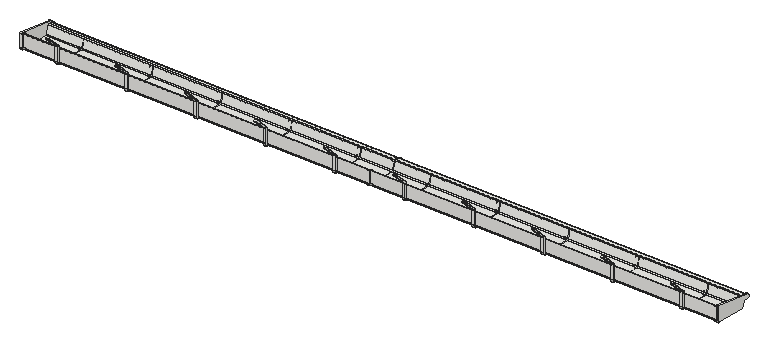
Revit family "NLRS_27_GM_LIB_B44_MR", category Generic Models, Revit 2017
Family settings
  Can host rebar = No
  Round Connector Dimension = Use Diameter
  Part Type = Normal
  Cut with Voids When Loaded = No
  Shared = No
  Room Calculation Point = No
Parameters (values of type "WIT AC 1382 ≈ RAL 9016")
  start_afstand_beugel [instance] = if([built-in parameter 1001306] < 780 mm, ([built-in parameter 1001306] / 3), 250 mm)  # 250 mm
  eindschot_rechts [instance] = if(NLRS_type_L = Set_Condition_R, "eindschot rechts", "geen")  # "eindschot rechts"
  eindschot_links [instance] = if(NLRS_type_R = Set_Condition_L, "eindschot links", "geen")  # "eindschot links"
  Verstek_diepte [instance] = 264 mm  # constant formula
  URL = "https://www.meilofriks.nl/"
  Set_Condition_R = Goot_profiel_GM_LIB_L_H_eind : Goot_profiel_GM_LIB_L_H_eind
  Set_Condition_L = Goot_profiel_GM_LIB_R_H_eind : Goot_profiel_GM_LIB_R_H_eind
  Set_Beugeltype = B44 - beugel_G : B44 - G beugel
  NLRS_type_R [instance] = Goot_profiel_GM_LIB_R_H_eind : Goot_profiel_GM_LIB_R_H_eind
  NLRS_type_L [instance] = Goot_profiel_GM_LIB_L_H_eind : Goot_profiel_GM_LIB_L_H_eind
  NLRS_C_materiaal = RAL 9016
  NLRS_C_lengte [instance] = [built-in parameter 1001306] + Lengte_L + Lengte_R  # 5000 mm
  NLRS_C_content_datum_gewijzigd = "21-12-2018"  # constant formula
  NLRS_C_content_creator = "KPMS"  # constant formula
  NLRS_C_afstand [instance] = 500 mm
  NLRS_C_aantal [instance] = aantal beugels  # 10
  Model = "B44"  # constant formula
  Manufacturer = "Meilof Riks"  # constant formula
  Lengte_R [instance] = if(Eind_schot_R, 0 mm, Verstek_diepte)  # 0 mm
  Lengte_L [instance] = if(Eind_schot_L, 0 mm, Verstek_diepte)  # 0 mm
  Kleur = "wit (AC1382)"
  IfcExportType = ""
  IfcExportAs = "IfcFlowSegment"
  Graden beugel [instance] = 90.00° - Dakhelling  # 45.00°
  min_hoh_afstand [instance] = if([built-in parameter 1001306] < 780 mm, [built-in parameter 1001306] / 3, 510 mm)  # 510 mm
  aantal beugels [instance] = (([built-in parameter 1001306] - start_afstand_beugel * 2) / min_hoh_afstand) + 1  # 10
  built-in parameter 1001306 [instance] = 5000 mm
  Eind_schot_R [instance] = NLRS_type_L = Set_Condition_R  # yes
  Eind_schot_L [instance] = NLRS_type_R = Set_Condition_L  # yes
  Description = "Beugel goot type B44"  # constant formula
  Dakhelling [instance] = 45.00°
  Beugel_keuze [instance] = B44 - beugel_G : B44 - G beugel
  Beugel [instance] = if(Beugel_keuze = Set_Beugeltype, "Type B44, G-Beugels", "Type B44, R-Beugels")  # "Type B44, G-Beugels"
  Assembly Code = "27.16"
Types (5, lengths in mm): name | NLRS_C_materiaal | Kleur | Graden beugel | Dakhelling
  RAL 7016 | RAL 7016 | "antraciet (RAL7016)" | 50.00° | 40.00°
  RAL 9001 | RAL 9001 | "crème (RAL9001)" | 50.00° | 40.00°
  RAL 7036 | RAL 7036 | "grijs (RAL7036)" | 50.00° | 40.00°
  RAL 9006 | RAL 9006 | "zilver (RAL9006)" | 50.00° | 40.00°
  WIT AC 1382 ≈ RAL 9016 | RAL 9016 | "wit (AC1382)" | 45.00° | 45.00°
Reference planes
  plane 1 "Center (Front/Back)": y = 0
  plane 2: z = 0
  plane 3 "Left": x = 0
  plane 4 "Right": x = 5000
  plane 5: x = 2500
Lines and regions (mm)
  reference lines
    curve 1: line (0, 0, 0) -> (5000, 0, 0)
    curve 2: line (250, -329.639, 0) -> (250, 610.361, 0)
    curve 3: line (4750, 572.987, 0) -> (4750, -387.013, 0)
Dimensions and locks
  "built-in parameter 1001306": plane 3 "Left" to plane 4 "Right"
  equal spacing: plane 3 "Left", plane 5, plane 4 "Right"
  "start_afstand_beugel": plane 3 "Left" to curve 2
  "start_afstand_beugel": curve 3 to plane 4 "Right"
  equal spacing: group 1, group 3, group 4, group 5, group 6, group 7, group 8, group 9, group 10, group 2  (x3)
  "NLRS_C_afstand": curve 2 to nested 7
  aligned and locked: plane 4 "Right" to curve 1
  aligned and locked: plane 1 "Center (Front/Back)" to curve 1
  aligned and locked: plane 3 "Left" to curve 1
  aligned and locked: level to plane 2
  aligned and locked: plane 5 to nested 1
  aligned and locked: plane 3 "Left" to nested 1
  aligned and locked: nested 1 to curve 1
  aligned and locked: plane 4 "Right" to nested 2
  aligned and locked: plane 5 to nested 2
  aligned and locked: plane 1 "Center (Front/Back)" to nested 2
  aligned and locked: curve 2 to nested 5
  aligned and locked: nested 6 to curve 3
  aligned and locked: plane 3 "Left" to nested 3
  aligned and locked: plane 4 "Right" to nested 4
Automatic sketch dimensions
  plane 1 "Center (Front/Back)" to curve 2 = 329.639 mm
  plane 1 "Center (Front/Back)" to curve 3 = 387.013 mm
  curve 3 to plane 1 "Center (Front/Back)" = 572.987 mm
  curve 2 to plane 1 "Center (Front/Back)" = 610.361 mm
Nested families
  nested 1: "Goot_profiel_GM_LIB_R_H_eind" at (0, 0, 0), type <- "NLRS_type_R", type "Goot_profiel_GM_LIB_R_H_eind"
    with built-in parameter 1001306 2500 mm
  nested 2: "Goot_profiel_GM_LIB_L_H_eind" at (2500, 0, 0), type <- "NLRS_type_L", type "Goot_profiel_GM_LIB_L_H_eind"
    with built-in parameter 1001306 2500 mm
  nested 3: "B44 - eindschot" at (-15, 0, 0), visible <- "Eind_schot_L", type "B44 - eindschot"
  nested 4: "B44 - eindschot" at (5015, 0, 0) x (-1, 0, 0) z (0, 0, 1), visible <- "Eind_schot_R", type "B44 - eindschot"
  nested 5: "B44 - beugel_G" at (250, -6, -6), type <- "Beugel_keuze", type "B44 - G beugel"
    with Dakhelling 45.00°
  nested 6: "B44 - beugel_G" at (4750, -6, -6), type <- "Beugel_keuze", type "B44 - G beugel"
    with Dakhelling 45.00°
  nested 7: "B44 - beugel_G" at (750, -6, -6), type <- "Beugel_keuze", type "B44 - G beugel"
    with Dakhelling 45.00°
  nested 8: "B44 - beugel_G" at (1250, -6, -6), type <- "Beugel_keuze", type "B44 - G beugel"
    with Dakhelling 45.00°
  nested 9: "B44 - beugel_G" at (1750, -6, -6), type <- "Beugel_keuze", type "B44 - G beugel"
    with Dakhelling 45.00°
  nested 10: "B44 - beugel_G" at (2250, -6, -6), type <- "Beugel_keuze", type "B44 - G beugel"
    with Dakhelling 45.00°
  nested 11: "B44 - beugel_G" at (2750, -6, -6), type <- "Beugel_keuze", type "B44 - G beugel"
    with Dakhelling 45.00°
  nested 12: "B44 - beugel_G" at (3250, -6, -6), type <- "Beugel_keuze", type "B44 - G beugel"
    with Dakhelling 45.00°
  nested 13: "B44 - beugel_G" at (3750, -6, -6), type <- "Beugel_keuze", type "B44 - G beugel"
    with Dakhelling 45.00°
  nested 14: "B44 - beugel_G" at (4250, -6, -6), type <- "Beugel_keuze", type "B44 - G beugel"
    with Dakhelling 45.00°
Definition of nested family "Goot_profiel_GM_LIB_R_H_eind"
  Parameters (values of type "Goot_profiel_GM_LIB_L_H_eind")
    diepte_profiel = 264 mm
    Material = none
    built-in parameter 1001306 [instance] = 1200 mm
  Reference planes
    plane 1 "Center (Front/Back)": y = 0
    plane 2: z = 0
    plane 3 "Left": x = 0
    plane 4 "Right": x = 1200
    plane 5: x = -264
    plane 6: y = 264
  Forms (mm)
    Sweep 1, solid, material <- "Material"
      path origin (0, 0, 0) x (1, 0, 0) y (0, 1, 0)
        loop
          line (-264, 0) -> (1200, 0)
      profile "B44 profile : B44 profile" origin (468, 0, 0) x (0, 1, 0) y (0, 0, 1)
        loop
          line (8.62, 0) -> (202.979, 0)
          arc (202.979, 0) -> (208.319, 1.851) -> (211.367, 6.61) r 8.627
          line (211.367, 6.61) -> (224.094, 59.532)
          arc (224.094, 59.532) -> (226.715, 63.624) -> (231.307, 65.216) r 7.418
          line (231.307, 65.216) -> (252.473, 65.216)
          arc (252.473, 65.216) -> (262.087, 50.173) -> (244.397, 47.768) r 10.593
          line (244.397, 47.768) -> (243.787, 47.25)
          arc (243.787, 47.25) -> (262.813, 49.837) -> (252.473, 66.016) r 11.393
          line (252.473, 66.016) -> (231.307, 66.016)
          arc (231.307, 66.016) -> (226.22, 64.253) -> (223.316, 59.719) r 8.218
          line (223.316, 59.719) -> (210.589, 6.797)
          arc (210.589, 6.797) -> (207.824, 2.479) -> (202.979, 0.8) r 7.827
          line (202.979, 0.8) -> (8.62, 0.8)
          arc (8.62, 0.8) -> (3.09, 3.09) -> (0.8, 8.62) r 7.82
          line (0.8, 8.62) -> (0.8, 100.441)
          arc (0.8, 100.441) -> (1.449, 101.262) -> (2.397, 100.819) r 0.843
          line (2.397, 100.819) -> (7.654, 90.344) -> (8.369, 90.703) -> (3.112, 101.178)
          arc (3.112, 101.178) -> (1.265, 102.04) -> (0, 100.441) r 1.643
          line (0, 100.441) -> (0, 8.62)
          arc (0, 8.62) -> (2.525, 2.525) -> (8.62, 0) r 8.62
    Extrusion 2, void
      sketch origin (0, 0, 0) x (1, 0, 0) y (0, 1, 0)
        loop
          line (-310.694, 264) -> (-310.694, 0) -> (0, 0) -> (0, 264) -> (-310.694, 264)
      from 0 to 250
  Cuts and joins
    Extrusion 2 cuts Sweep 1
  Lines and regions (mm)
    reference lines
      curve 1: line (0, 0, 0) -> (1200, 0, 0)
  Dimensions and locks
    "built-in parameter 1001306": plane 3 "Left" to plane 4 "Right"
    "diepte_profiel": plane 6 to plane 1 "Center (Front/Back)"
    "diepte_profiel": plane 5 to plane 3 "Left"
    "diepte_profiel": plane 1 "Center (Front/Back)" to plane 6
    aligned and locked: plane 4 "Right" to curve 1
    aligned and locked: plane 1 "Center (Front/Back)" to curve 1
    aligned and locked: plane 3 "Left" to curve 1
    aligned and locked: level to plane 2
    aligned and locked: plane 4 "Right" to Sweep 1 sketch curve
    aligned and locked: plane 5 to Sweep 1 sketch curve
    aligned and locked: plane 6 to Extrusion 2 sketch curve
    aligned and locked: Extrusion 2 sketch curve to plane 1 "Center (Front/Back)"
    aligned and locked: Extrusion 2 sketch curve to plane 3 "Left"
  Automatic sketch dimensions
    plane 5 to Extrusion 2 sketch curve = 46.694 mm
    plane 1 "Center (Front/Back)" to Sweep 1 sketch curve = 0 mm
Definition of nested family "Goot_profiel_GM_LIB_L_H_eind"
  Parameters (values of type "Goot_profiel_GM_LIB_R_H_eind")
    diepte_profiel = 264 mm
    Material = none
    built-in parameter 1001306 [instance] = 1200 mm
  Reference planes
    plane 1 "Center (Front/Back)": y = 0
    plane 2: z = 0
    plane 3 "Left": x = 0
    plane 4 "Right": x = 1200
    plane 5: x = 1464
    plane 6: y = 264
  Forms (mm)
    Sweep 1, solid, material <- "Material"
      path origin (0, 0, 0) x (1, 0, 0) y (0, 1, 0)
        loop
          line (0, 0) -> (1464, 0)
      profile "B44 profile : B44 profile" origin (732, 0, 0) x (0, 1, 0) y (0, 0, 1)
        loop
          line (8.62, 0) -> (202.979, 0)
          arc (202.979, 0) -> (208.319, 1.851) -> (211.367, 6.61) r 8.627
          line (211.367, 6.61) -> (224.094, 59.532)
          arc (224.094, 59.532) -> (226.715, 63.624) -> (231.307, 65.216) r 7.418
          line (231.307, 65.216) -> (252.473, 65.216)
          arc (252.473, 65.216) -> (262.087, 50.173) -> (244.397, 47.768) r 10.593
          line (244.397, 47.768) -> (243.787, 47.25)
          arc (243.787, 47.25) -> (262.813, 49.837) -> (252.473, 66.016) r 11.393
          line (252.473, 66.016) -> (231.307, 66.016)
          arc (231.307, 66.016) -> (226.22, 64.253) -> (223.316, 59.719) r 8.218
          line (223.316, 59.719) -> (210.589, 6.797)
          arc (210.589, 6.797) -> (207.824, 2.479) -> (202.979, 0.8) r 7.827
          line (202.979, 0.8) -> (8.62, 0.8)
          arc (8.62, 0.8) -> (3.09, 3.09) -> (0.8, 8.62) r 7.82
          line (0.8, 8.62) -> (0.8, 100.441)
          arc (0.8, 100.441) -> (1.449, 101.262) -> (2.397, 100.819) r 0.843
          line (2.397, 100.819) -> (7.654, 90.344) -> (8.369, 90.703) -> (3.112, 101.178)
          arc (3.112, 101.178) -> (1.265, 102.04) -> (0, 100.441) r 1.643
          line (0, 100.441) -> (0, 8.62)
          arc (0, 8.62) -> (2.525, 2.525) -> (8.62, 0) r 8.62
    Extrusion 2, void
      sketch origin (0, 0, 0) x (1, 0, 0) y (0, 1, 0)
        loop
          line (1200, 264) -> (1200, 0) -> (1500, 0) -> (1500, 264) -> (1200, 264)
      from 0 to 250
  Cuts and joins
    Extrusion 2 cuts Sweep 1
  Lines and regions (mm)
    reference lines
      curve 1: line (0, 0, 0) -> (1200, 0, 0)
  Dimensions and locks
    "built-in parameter 1001306": plane 3 "Left" to plane 4 "Right"
    "diepte_profiel": plane 1 "Center (Front/Back)" to plane 6
    "diepte_profiel": plane 4 "Right" to plane 5
    "diepte_profiel": plane 6 to plane 1 "Center (Front/Back)"
    aligned and locked: plane 4 "Right" to curve 1
    aligned and locked: plane 1 "Center (Front/Back)" to curve 1
    aligned and locked: plane 3 "Left" to curve 1
    aligned and locked: level to plane 2
    aligned and locked: plane 5 to Sweep 1 sketch curve
    aligned and locked: plane 3 "Left" to Sweep 1 sketch curve
    aligned and locked: plane 4 "Right" to Extrusion 2 sketch curve
    aligned and locked: Extrusion 2 sketch curve to plane 6
    aligned and locked: Extrusion 2 sketch curve to plane 1 "Center (Front/Back)"
  Automatic sketch dimensions
    Extrusion 2 sketch curve to Extrusion 2 sketch curve = 300 mm
    plane 1 "Center (Front/Back)" to Sweep 1 sketch curve = 0 mm
Definition of nested family "B44 - eindschot"
  Parameters (values of type "B44 - eindschot")
    Material = none
  Reference planes
    plane 1 "Center (Front/Back)": y = 0
    plane 2: z = 0
    plane 3 "Center (Left/Right)": x = 0
  Forms (mm)
    Extrusion 1, solid, material <- "Material"
      sketch origin (0, 0, 0) x (0, 1, 0) y (0, 0, 1)
        loop
          line (256.975, 68.332) -> (2.02, 103.256)
          arc (2.02, 103.256) -> (-0.229, 102.584) -> (-1.2, 100.447) r 2.835
          line (-1.2, 100.447) -> (-1.2, 2)
          arc (-1.2, 2) -> (-0.263, -0.263) -> (2, -1.2) r 3.2
          line (2, -1.2) -> (203.925, -1.2)
          arc (203.925, -1.2) -> (209.265, 0.651) -> (212.313, 5.41) r 8.627
          line (212.313, 5.41) -> (221.119, 42.029) -> (256.365, 42.029)
          arc (256.365, 42.029) -> (262.518, 44.578) -> (265.066, 50.731) r 8.701
          line (265.066, 50.731) -> (265.066, 59.056)
          arc (265.066, 59.056) -> (262.759, 65.211) -> (256.975, 68.332) r 9.362
      from 0 to 15
  Dimensions and locks
    aligned and locked: level to plane 2
Definition of nested family "B44 - beugel_G"
  Parameters (values of type "B44 - G beugel")
    beugel_dikte = 20 mm
    Material = none
    Dakhelling = 40.00°
    B44_ Gootbeugel G = yes
  Reference planes
    plane 1 "Center (Front/Back)": y = 0
    plane 2: z = 0
    plane 3 "Center (Left/Right)": x = 0
    plane 4: x = -10
    plane 5: x = 10
  Forms (mm)
    Sweep 1, solid, material <- "Material"
      path origin (0, 0, 0) x (1, 0, 0) y (0, 0, 1)
        loop
          line (-10, 0) -> (10, 0)
      profile "B44 - G beugel profile : B44 - G beugel profile" origin (0, 0, 0) x (0, 0, 1) y (0, -1, 0)
        loop
          line (11.207, -223.201) -> (56.712, -234.144)
          arc (56.712, -234.144) -> (59.317, -236.171) -> (59.511, -239.466) r 4
          line (59.511, -239.466) -> (52.594, -257.488) -> (58.195, -259.638) -> (65.113, -241.617)
          arc (65.113, -241.617) -> (64.628, -233.378) -> (58.115, -228.31) r 10
          line (58.115, -228.31) -> (12.61, -217.367)
          arc (12.61, -217.367) -> (7.854, -214.042) -> (6.028, -208.535) r 9.217
          line (6.028, -208.535) -> (6.028, -12.743)
          arc (6.028, -12.743) -> (8.018, -7.939) -> (12.821, -5.949) r 6.794
          line (12.821, -5.949) -> (113.88, -5.949)
          arc (113.88, -5.949) -> (117.161, -5.266) -> (119.898, -3.332) r 8.228
          line (119.898, -3.332) -> (196.251, 87.662) -> (190.342, 92.62) -> (112.625, 0.001) -> (13.265, 0.001)
          arc (13.265, 0.001) -> (3.885, -3.884) -> (0, -13.264) r 13.265
          line (0, -13.264) -> (0, -208.979)
          arc (0, -208.979) -> (3.138, -218.033) -> (11.207, -223.201) r 14.627
  Dimensions and locks
    equal spacing: plane 5, plane 3 "Center (Left/Right)", plane 4
    "beugel_dikte": plane 5 to plane 4
    aligned and locked: level to plane 2
    aligned and locked: plane 5 to Sweep 1 sketch curve
    aligned and locked: plane 4 to Sweep 1 sketch curve
  Automatic sketch dimensions
    Sweep 1 sketch curve to level = 0 mm
